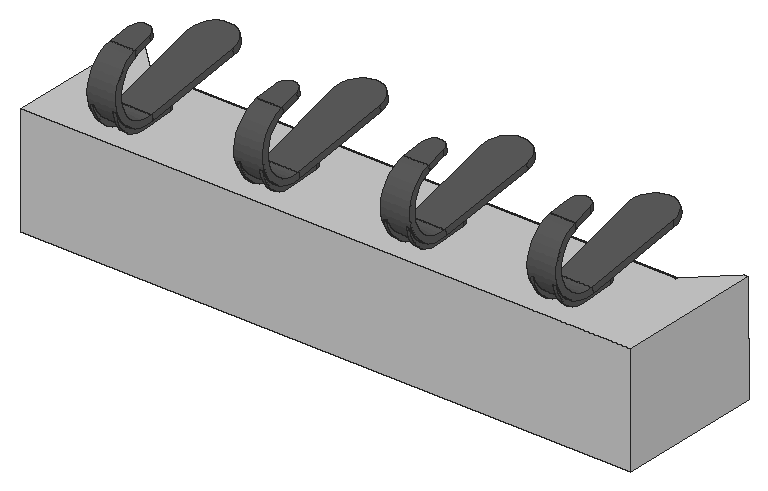
Revit family "Magnuson-KrokBox-CoatHookStrip+", category Furniture, host Face, Revit 2020
Family settings
  Host = Face
  Cut with Voids When Loaded = No
  Shared = No
  Room Calculation Point = No
Parameters (values of type "KROK BOX")
  Width = 19 11/16"
  URL = "www.magnusongroup.com"
  Type Comments = "Coat Hook Strip"  # constant formula
  Revit Model Built By = "https://servex-us.com/servex-revit/"
  Product Documentation Link = "https://magnusongroup.com/products/coathookstrips/krokbox.html"
  Hook Qty = 4
  Box Finish = MAG - Textured painted steel
  Salvage or Reuse = yes
  Percentage of Recycled Content = 0
  Model = "KROK BOX"
  Manufacturer = "Magnuson Group"  # constant formula
  Low Emitting Material = yes
  Low Emitting Finish = yes
  Keynote = "12500"
  Hook Finish = MAG - Plastic Black
  Description = "Textured painted steel storage box with four matching plastic coat hooks. Mounts to wall."
  Default Elevation = 48"
  Assembly Code = "E2020200"
Reference planes (in)
  plane 1 "Center (Front/Back)": y = 0
  plane 2: z = 0
  plane 3 "Center (Left/Right)": x = 0
  plane 4: x = 9.84375
  plane 5: x = 19.68755
Forms (in)
  Extrusion 1, solid, material "MAG - Textured painted steel" <- "Box Finish"
    sketch origin (0, 0, 0) x (1, 0, 0) y (0, 0, 1)
      loop
        line (0, 3.5433) -> (0, 0) -> (19.68755, 0) -> (19.68755, 3.5433) -> (0, 3.5433)
    from -2.28543 to 2.43897
  Extrusion 2, void
    sketch origin (0, 0, 0) x (1, 0, 0) y (0, 0, 1)
      loop
        line (0.08071, 3.46456) -> (0.08071, 0.07874) -> (19.60429, 0.07874) -> (19.60429, 3.46456) -> (0.08071, 3.46456)
    from -2.28543 to 2.36024
  Extrusion 3, void
    sketch origin (0, 0, 0) x (1, 0, 0) y (0, 1, 0)
      loop
        line (0.15354, 2.28543) -> (1.37795, 1.10454) -> (18.30955, 1.10454) -> (19.53396, 2.28543) -> (0.15354, 2.28543)
    from 3.46456 to 3.5433
  Extrusion 4, solid, material "MAG - Textured painted steel" <- "Box Finish"
    sketch origin (0, 0, 0) x (0, 1, 0) y (0, 0, 1)
      loop
        line (1.10454, 3.5433) -> (1.10454, 3.46183) -> (0.81102, 3.46183) -> (0.81102, 3.38036) -> (1.10454, 3.38036)
        arc (1.10454, 3.38036) -> (1.18601, 3.46183) -> (1.10454, 3.5433) r 0.08147
    from 1.37795 to 18.30955
Cuts and joins
  Extrusion 2, Extrusion 3 cuts Extrusion 1
Dimensions and locks (in)
  equal spacing: group 1, group 3, group 4, group 2  (x3)
  nested 1 to plane 3 "Center (Left/Right)" = 2 3/4"
  plane 3 "Center (Left/Right)" to plane 4 = 9 27/32"
  locked: nested 1 to plane 1 "Center (Front/Back)" at 0.5625
  locked: nested 2 to plane 1 "Center (Front/Back)" at 0.5625
  locked: nested 1 to plane 2 at 3.34266
  locked: nested 2 to plane 2 at 3.34266
  locked: nested 2 to plane 5 at 2.75002
  locked: Extrusion 2 sketch curve to plane 5 at 0.08326
  locked: Extrusion 2 sketch curve to plane 2 at 0.07874
  locked: Extrusion 2 sketch curve to plane 3 "Center (Left/Right)" at 0.08071
  locked: Extrusion 2 sketch curve to plane 2 at 3.46456
  Extrusion 1 to plane 1 "Center (Front/Back)" to Extrusion 1 = 2.28543" locked, 2.43897" locked
  locked: Extrusion 2 to plane 1 "Center (Front/Back)" at 2.36024
  locked: plane 3 "Center (Left/Right)" to Extrusion 3 sketch curve at 0.15354
  locked: Extrusion 3 sketch curve to plane 5 at 0.1536
  locked: plane 1 "Center (Front/Back)" to Extrusion 3 sketch curve at 1.10454
  locked: plane 1 "Center (Front/Back)" to Extrusion 1 at 2.28543
  locked: plane 3 "Center (Left/Right)" to Extrusion 3 sketch curve at 1.37795
  locked: Extrusion 3 sketch curve to plane 5 at 1.378
  locked: Extrusion 4 to plane 3 "Center (Left/Right)" at 1.37795
  locked: Extrusion 4 to plane 5 at 1.378
  aligned and locked: plane 2 to host face
  aligned and locked: level to host face
  aligned and locked: plane 3 "Center (Left/Right)" to Extrusion 1 sketch curve
  aligned and locked: plane 2 to Extrusion 1 sketch curve
  aligned and locked: plane 5 to Extrusion 1 sketch curve
  aligned and locked: Extrusion 1 to Extrusion 2
  aligned and locked: Extrusion 3 to Extrusion 2
  aligned and locked: Extrusion 1 to Extrusion 3
Automatic sketch dimensions
  host sketch curve to host sketch curve = 21.12737"
  host sketch curve to host sketch curve = 15.17679"
  Extrusion 3 sketch curve to Extrusion 3 sketch curve = 1.18089"
  Extrusion 4 sketch curve to plane 1 "Center (Front/Back)" = 0.81102"
  Extrusion 4 sketch curve to Extrusion 4 sketch curve = 0.29352"
  level to Extrusion 4 sketch curve = 3.46183"
  Extrusion 4 sketch curve to Extrusion 4 sketch curve = 0"
  Extrusion 4 sketch curve to Extrusion 4 sketch curve = 0.08147"
  Extrusion 1 sketch curve to Extrusion 1 sketch curve = 3.5433"
Nested families (in)
  nested 1: "Krok-H" at (2.75, -0.5625, 3.34266), type "Krok-H"
  nested 2: "Krok-H" at (16.93754, -0.5625, 3.34266), type "Krok-H"
  nested 3: "Krok-H" at (7.47918, -0.5625, 3.34266), type "Krok-H"
  nested 4: "Krok-H" at (12.20836, -0.5625, 3.34266), type "Krok-H"
Definition of nested family "Krok-H"
  Parameters (values of type "Krok-H")
    Revit Model Built By = "https://servex-us.com/servex-revit/"
    Hook Finish = none
    Default Elevation = 0"
  Reference planes (in)
    plane 1 "Center (Front/Back)": y = 0
    plane 2: z = 0
    plane 3 "Center (Left/Right)": x = 0
    plane 4: through (-0.25533, 0.41369, 48) normal (0.9976, -0.0698, 0)
  Forms (in)
    Extrusion 1, solid, material <- "Hook Finish"
      sketch origin (0, 0.13924, 0.83569) x (-1, 0, 0) y (0, 0.979611, 0.200903)
        loop
          line (-0.56268, -0.87756) -> (0.56268, -0.87756) -> (0.73901, 2.24986)
          arc (0.73901, 2.24986) -> (0, 3.03172) -> (-0.73901, 2.24986) r 0.74019
          line (-0.73901, 2.24986) -> (-0.56268, -0.87756)
      from -0.03887 to 0.15946
    Extrusion 2, solid, material <- "Hook Finish"
      sketch origin (-0.25533, 0.41369, 48) x (0.069756, 0.997564, 0) y (0, 0, 1)
        loop
          line (0, -47.26546) -> (-1.23234, -47.51984)
          arc (-1.23234, -47.51984) -> (-1.94357, -47.34077) -> (-2.39243, -46.76073) r 1.12256
          arc (-2.39243, -46.76073) -> (-1.97719, -47.50428) -> (-1.17831, -47.79936) r 1.22895
          line (-1.17831, -47.79936) -> (0, -47.79936) -> (0, -47.26546)
      from 0 to 0.10483
    Extrusion 3, solid, material <- "Hook Finish"
      sketch origin (0.25533, 0.41369, 48) x (-0.069756, 0.997564, 0) y (0, 0, -1)
        loop
          line (0, 47.26546) -> (0, 47.79936) -> (-1.17831, 47.79936)
          arc (-1.17831, 47.79936) -> (-1.97719, 47.50428) -> (-2.39243, 46.76073) r 1.22895
          arc (-2.39243, 46.76073) -> (-1.94357, 47.34077) -> (-1.23234, 47.51984) r 1.12256
          line (-1.23234, 47.51984) -> (0, 47.26546)
      from 0 to 0.10483
    Extrusion 4, solid, material <- "Hook Finish"
      sketch origin (0, 0, 0) x (1, 0, 0) y (0, 1, 0)
        loop
          line (-0.25643, 0.41377) -> (-0.15075, 0.40638) -> (0.15075, 0.40638) -> (0.25635, 0.41376)
          arc (0.25635, 0.41376) -> (-0.00004, 0.65241) -> (-0.25643, 0.41377) r 0.25705
      from 0.20064 to 0.82885
    Extrusion 5, solid, material <- "Hook Finish"
      sketch origin (0, 0.13924, 2.07006) x (-1, 0, 0) y (0, 0.979611, 0.200903)
        loop
          line (-0.39723, -1.16618) -> (0.39723, -1.16618) -> (0.34999, -0.50444)
          arc (0.34999, -0.50444) -> (0, -0.17854) -> (-0.34999, -0.50444) r 0.35088
          line (-0.34999, -0.50444) -> (-0.39723, -1.16618)
      from -0.88072 to -0.68952
    SweptBlend 6, solid, material <- "Hook Finish"
      path origin (0, 0, 0) x (0, 1, 0) y (0, 0, 1)
        loop
          arc (-1.1801, 2.69853) -> (-2.01409, 1.359) -> (-0.68839, 0.50318) r 1.12502
      profile origin (0, -1.1801, 2.69853) x (0, 0.234518, -0.972112) y (1, 0, 0)
        loop
          line (0.19108, 0.39723) -> (0, 0.39723) -> (0, -0.39723) -> (0.19108, -0.39723) -> (0.19108, 0.39723)
      end profile origin (0, -0.68839, 0.50318) x (0, -0.202548, 0.979272) y (1, 0, 0)
        loop
          line (0, 0.56268) -> (0, -0.56268) -> (0.19833, -0.56268) -> (0.19833, 0.56268) -> (0, 0.56268)
  Dimensions and locks (in)
    aligned and locked: plane 2 to level
